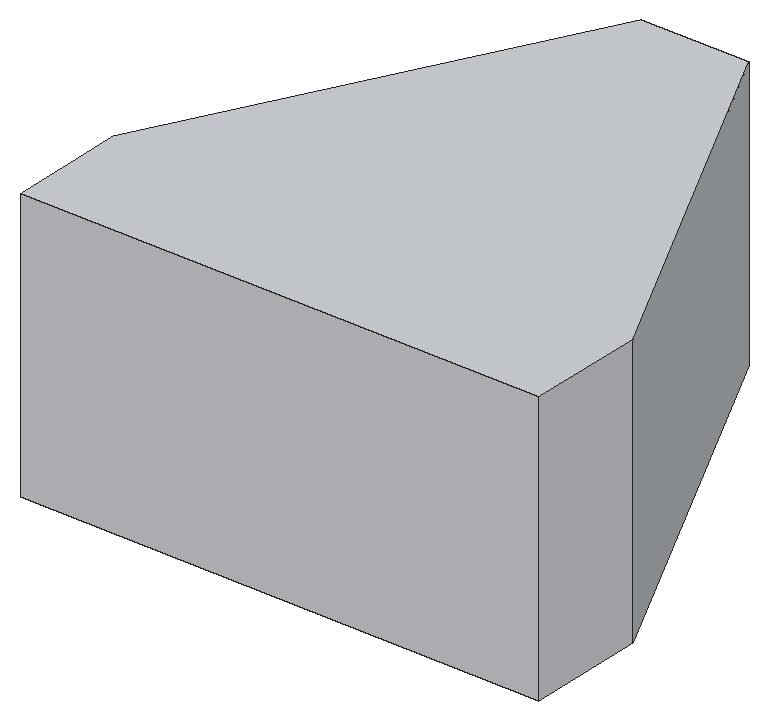
Revit family "BHE_StructuralFoundations_PadFoundation-Triangular", category Structural Foundations, Revit 2022
Family settings
  Material for Model Behavior = Other
  Cap = No
  Work Plane-Based = No
  Always vertical = Yes
  Cut with Voids When Loaded = No
  Shared = No
Parameters (values of type "A")
  Volume = 3.36201 m³
  Structural Material [instance] = none
  Short Edge Length = 434 mm
  Reinforcement Specs [instance] = ""
  Pad Width = 2100 mm
  Pad Type = "A"
  Pad Length = 2100 mm
  Mesh [instance] = ""
  Length 1 = 475 mm
  Foundation Thickness = 1100 mm
  Description = ""
  Concrete Grade [instance] = ""
  Centre to Long Edge = 765 mm
  Assembly Code = ""
Reference planes
  plane 1 "Center (Front/Back)": y = 29.2
  plane 2: z = 0
  plane 3 "Center (Left/Right)": x = -370.069
  plane 4: x = -1420.069
  plane 5: x = 679.931
  plane 6: y = 1364.2
  plane 7: y = -735.8
  plane 8: z = -1100
  plane 9: x = -153.069
  plane 10: y = -260.8
  plane 11: x = -587.069
Forms (mm)
  Extrusion 1, solid, material <- "Structural Material"
    sketch origin (0, 0, 0) x (1, 0, 0) y (0, 1, 0)
      loop
        line (-587.069, 1364.2) -> (-1420.069, -260.8) -> (-1420.069, -735.8) -> (679.931, -735.8) -> (679.931, -260.8) -> (-153.069, 1364.2) -> (-587.069, 1364.2)
    from -1100 to 0
Dimensions and locks
  "Pad Width": plane 4 to plane 5
  "Pad Length": plane 6 to plane 7
  equal spacing: plane 4, plane 3 "Center (Left/Right)", plane 5
  "Foundation Thickness": plane 2 to plane 8
  "Length 1": plane 10 to plane 7
  "Centre to Long Edge": plane 1 "Center (Front/Back)" to plane 7
  equal spacing: plane 11, plane 3 "Center (Left/Right)", plane 9
  "Short Edge Length": plane 11 to plane 9
  aligned and locked: plane 4 to Extrusion 1 sketch curve
  aligned and locked: Extrusion 1 sketch curve to plane 5
  aligned and locked: Extrusion 1 sketch curve to plane 6
  aligned and locked: plane 7 to Extrusion 1 sketch curve
  aligned and locked: level to Extrusion 1
  aligned and locked: Extrusion 1 to plane 8
  aligned and locked: plane 9 to Extrusion 1 sketch curve
  aligned and locked: plane 11 to Extrusion 1 sketch curve
  aligned and locked: plane 10 to Extrusion 1 sketch curve
Automatic sketch dimensions
  Extrusion 1 sketch curve to plane 10 = 0 mm
